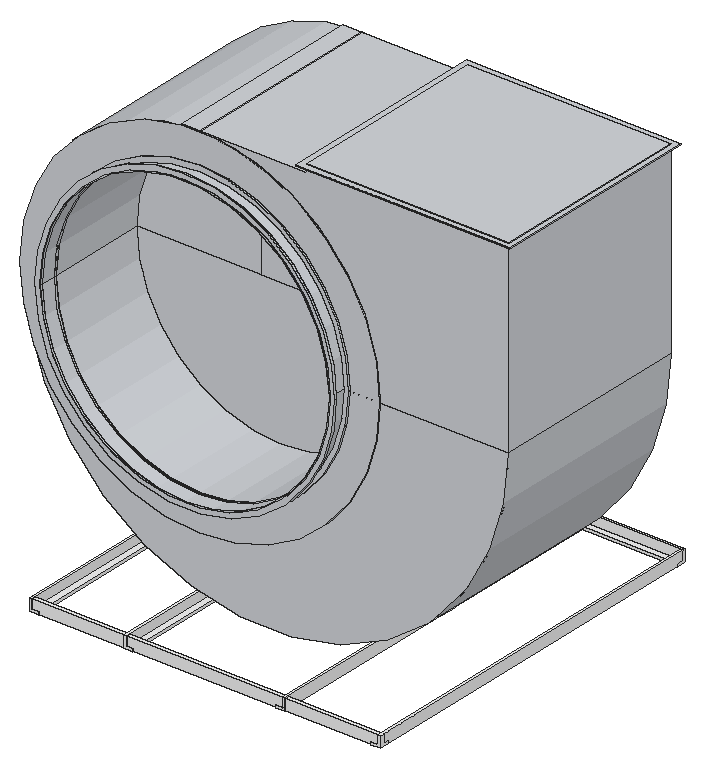
Revit family "НЕВАТОМ_Вентилятор ВР 86-77, Версия 2.с табл", category Оборудование, Revit 2017 (continued)
Definition of nested family "НЕВАТОМ_Рама монтажная для ВР-86-77, Версия 2"
  Dimensions and locks
    aligned and locked: curve 18 to plane 16
    aligned and locked: plane 17 to curve 25
    aligned and locked: curve 20 to plane 18
    aligned and locked: Extrusion 2 sketch curve to curve 6
    aligned and locked: Extrusion 2 sketch curve to curve 8
    aligned and locked: Extrusion 2 sketch curve to curve 9
    aligned and locked: Extrusion 2 sketch curve to curve 16
    aligned and locked: curve 10 to Extrusion 2 sketch curve
    aligned and locked: Extrusion 2 sketch curve to curve 15
    aligned and locked: Extrusion 2 sketch curve to curve 11
    aligned and locked: Extrusion 2 sketch curve to curve 12
    aligned and locked: Extrusion 2 sketch curve to curve 20
    aligned and locked: Extrusion 2 sketch curve to curve 19
    aligned and locked: Extrusion 2 sketch curve to plane 15
    aligned and locked: Extrusion 2 sketch curve to curve 28
    aligned and locked: Extrusion 2 sketch curve to curve 25
    aligned and locked: Extrusion 2 to curve 2
    aligned and locked: Extrusion 2 to curve 1
    aligned and locked: curve 30 to plane 21
    aligned and locked: plane 19 to curve 31
    aligned and locked: plane 22 to curve 32
    aligned and locked: plane 20 to curve 33
    aligned and locked: Extrusion 3 sketch curve to curve 30
    aligned and locked: Extrusion 3 sketch curve to curve 31
    aligned and locked: Extrusion 3 sketch curve to curve 32
    aligned and locked: Extrusion 3 sketch curve to curve 33
    aligned and locked: Extrusion 1 to Extrusion 3
    aligned and locked: Extrusion 3 to curve 1
    aligned and locked: Extrusion 4 sketch curve to curve 42
    aligned and locked: curve 43 to Extrusion 4 sketch curve
    aligned and locked: Extrusion 4 sketch curve to curve 43
    aligned and locked: Extrusion 4 sketch curve to curve 46
    aligned and locked: Extrusion 4 sketch curve to curve 47
    aligned and locked: Extrusion 4 sketch curve to curve 38
    aligned and locked: Extrusion 4 sketch curve to curve 39
  Automatic sketch dimensions
    curve 24 to level = 0.00 mm
    curve 23 to plane 7 = 0.00 mm
    curve 10 to level = 0.00 mm
    curve 10 to plane 6 = 0.00 mm
    curve 22 to plane 7 = 1.48 mm
    level to curve 28 = 1.497 mm
    curve 26 to curve 26 = 1.549 mm
    plane 6 to curve 9 = 1.48 mm
    level to curve 14 = 11.968 mm
    curve 14 to curve 11 = 1.549 mm
    level to curve 14 = 1.497 mm
    curve 27 to curve 25 = 10.471 mm
    curve 9 to curve 10 = 1.497 mm
    curve 22 to plane 10 = 1.497 mm
    Extrusion 2 sketch curve to plane 7 = 0.00 mm
    Extrusion 2 sketch curve to level = 0.00 mm
    Extrusion 2 sketch curve to plane 11 = 0.00 mm
    Extrusion 2 sketch curve to plane 10 = 0.00 mm  (x2)
    Extrusion 2 sketch curve to plane 15 = 0.549 mm
    Extrusion 2 sketch curve to plane 7 = 1.48 mm
    plane 13 to Extrusion 2 sketch curve = 0.549 mm
    Extrusion 2 sketch curve to Extrusion 2 sketch curve = 10.471 mm  (x2)
    Extrusion 2 sketch curve to plane 10 = 1.497 mm
    plane 19 to Extrusion 4 sketch curve = 42.50 mm  (x2)
    Extrusion 4 sketch curve to Extrusion 4 sketch curve = 20.00 mm  (x4)
    Extrusion 4 sketch curve to plane 3 "По центру (Влево/Вправо)" = 10.321 mm  (x2)
    plane 3 "По центру (Влево/Вправо)" to Extrusion 4 sketch curve = 9.679 mm  (x2)
    Extrusion 4 sketch curve to plane 20 = 62.50 mm  (x2)
    plane 6 to Extrusion 4 sketch curve = 18.50 mm
    Extrusion 4 sketch curve to Extrusion 4 sketch curve = 5.00 mm  (x3)
    plane 6 to Extrusion 4 sketch curve = 13.50 mm  (x2)
    curve 35 to plane 5 = 0.00 mm
    curve 34 to plane 5 = 0.00 mm
    curve 34 to plane 4 = 0.00 mm
    curve 35 to plane 4 = 0.00 mm
    curve 46 to plane 3 "По центру (Влево/Вправо)" = 10.321 mm
    curve 59 to plane 3 "По центру (Влево/Вправо)" = 10.321 mm
    curve 37 to plane 15 = 19.50 mm
    curve 45 to plane 15 = 19.50 mm
    curve 41 to plane 15 = 19.50 mm
    plane 6 to curve 50 = 13.50 mm
    plane 6 to curve 58 = 13.50 mm
    plane 6 to curve 54 = 13.50 mm
Definition of nested family "УГО вентилятора 1"
  Parameters (values of type "Тип 1")
    типоразмер = 12.50 mm
    k = size_lookup("УГО", "k", 50.00 mm, типоразмер)  # 25.00 mm
    d = size_lookup("УГО", "d", 50.00 mm, типоразмер)  # 1130.00 mm
    c = size_lookup("УГО", "c", 50.00 mm, типоразмер)  # 900.00 mm
    a = size_lookup("УГО", "a", 50.00 mm, типоразмер)  # 130.00 mm
    R1 = size_lookup("УГО", "R1", 50.00 mm, типоразмер)  # 1000.00 mm
  Reference planes
    plane 1 "По центру (Вперед/Назад)": y = 0
    plane 2: z = 0
    plane 3 "По центру (Влево/Вправо)": x = 0
  Lines and regions (mm)
    model lines
      curve 1: line (925, 0, 0) -> (925, 0, 1130)
      curve 2: line (925, 0, 1130) -> (25, 0, 1130)
      curve 3: line (25, 0, 1130) -> (25, 0, 994.987)
      curve 4: arc (25, 0, 994.987) -> (-816.62, 0, -670.82) -> (925, 0, 0) r 1000
  Dimensions and locks
    "d": curve 2 to level
    "c": curve 1 to curve 3
    "a": curve 2 to curve 4
    "k": plane 3 "По центру (Влево/Вправо)" to curve 3
    "R1": radius of curve 4
    aligned and locked: level to plane 2
Types (9, lengths in mm): name | типоразмер | Ширина основания | Ширина опоры | Сравнение праволево | НЕВАТОМ_Частота вращения электродвигателя | НЕВАТОМ_Направление вращения Правое | НЕВАТОМ_Направление вращения Левое | НЕВАТОМ_Мощность электродвигатель | НЕВАТОМ_Исполнение вентилятора | Н2 | Высота виброизолятора | Выбор исполнения | Выбор диаметра колеса | Выбор виброизолятора | Виброизолятор | ВР | r | l длина | l двиг | k | h3 | h2 | h1 | h | d двиг | c2 | c1 | b | a2 | _Коэффициент расхода | Type | R2 | R1 | L длина опоры | L двиг | H1 | H опоры | Dн | ADSK_Наименование краткое | 0.9Dн | D1 | D/2 | D входного патрубка | D внешний | D | BB | ADSK_Примечание | ADSK_Марка | ADSK_Классификация нагрузок | AA | A1 | (Dн) | (0.9Dн)
  (no name) | 12.50 | 1520.00 | 700.00 | 1.00 | 750 | yes | no | 15.00 | 1.00 | 2175.00 | 0.00 | 0.00 | 1.00 | 0.00 | no | 12.50 | 160.00 | 800.00 | 500.00 | 80.00 | 100.00 | 780.00 | 815.00 | 300.00 | 320.00 | 800.00 | 848.00 | 25.00 | 1338.00 | 1 | 43.00 | 780.00 | 1050.00 | 1648.00 | 340.00 | 1360.00 | 1200.00 | no | "VR 86-77-12.5" | yes | 1255.00 | 160.00 | 1250.00 | 1300.00 | 1250.00 | 875.00 | "size_lookup(ТП, \"\", \"нет типоразмера\", D)" | "VR 86-77-12,5-15КВТ/750 ОБ/МИН. ПРАВ0(Д=0,9ДН)" | none | 875.00 | 900.00 | no | yes
  №2.5 | 2.50 | 287.00 | 287.00 | 1.00 | 1500 | yes | no | 0.18 | 2.00 | 572.00 | 72.00 | 0.00 | 1.00 | 1.00 | yes | 2.50 | 50.00 | 205.00 | 120.00 | 30.00 | 0.00 | 155.00 | 180.00 | 120.00 | 100.00 | 205.00 | 205.00 | 20.00 | 250.00 | 0 | 38.00 | 160.00 | 205.00 | 410.00 | 50.00 | 320.00 | 270.00 | no | "VR 86-77-2.5-0-К" | yes | 255.00 | 50.00 | 250.00 | 300.00 | 250.00 | 175.00 | "" | "VR 86-77-2,5 К 0,18КВТ/1500 ОБ/МИН. ПРАВ0(Д=0,9ДН)" | ОВК | 175.00 | 162.00 | no | yes
  №3.15 | 3.15 | 287.00 | 287.00 | 0.00 | 1500 | no | yes | 0.18 | 1.00 | 616.00 | 0.00 | 1.00 | 1.00 | 0.00 | no | 3.15 | 50.00 | 250.00 | 120.00 | 1.00 | 100.00 | 200.00 | 220.00 | 120.00 | 100.00 | 250.00 | 217.00 | 20.00 | 315.00 | 0 | 39.00 | 200.00 | 257.00 | 467.00 | 50.00 | 396.00 | 346.00 | no | "VR 86-77-3.15-О" | yes | 320.00 | 50.00 | 315.00 | 365.00 | 315.00 | 220.00 | "" | "VR 86-77-3,15-0,18КВТ/1500 ОБ/МИН. ЛЕВ0(Д=0,9ДН)" | none | 220.00 | 204.00 | no | yes
  №4 | 4.00 | 357.00 | 357.00 | 0.00 | 1500 | no | yes | 0.75 | 1.00 | 796.00 | 0.00 | 0.00 | 0.00 | 0.00 | no | 4.00 | 50.00 | 290.00 | 80.00 | 1.00 | 100.00 | 250.00 | 270.00 | 200.00 | 100.00 | 290.00 | 290.00 | 25.00 | 400.00 | 0 | 40.00 | 250.00 | 326.00 | 580.00 | 100.00 | 526.00 | 476.00 | yes | "VR 86-77-4.0-К" | no | 405.00 | 50.00 | 400.00 | 450.00 | 400.00 | 280.00 | "" | "VR 86-77-4-0,75КВТ/1500 ОБ/МИН. ЛЕВ0(ДН)" | none | 280.00 | 260.00 | yes | no
  №5 | 5.00 | 476.00 | 476.00 | 0.00 | 1000 | no | yes | 0.37 | 1.00 | 985.00 | 0.00 | 0.00 | 1.00 | 0.00 | no | 5.00 | 50.00 | 350.00 | 80.00 | 1.00 | 100.00 | 310.00 | 335.00 | 150.00 | 100.00 | 350.00 | 404.00 | 25.00 | 500.00 | 0 | 39.00 | 310.00 | 400.00 | 754.00 | 100.00 | 650.00 | 600.00 | no | "VR 86-77-5.0-О" | yes | 505.00 | 50.00 | 500.00 | 550.00 | 500.00 | 350.00 | "" | "VR 86-77-5-0,37КВТ/1000 ОБ/МИН. ЛЕВ0(Д=0,9ДН)" | none | 350.00 | 325.00 | no | yes
  №6.3 | 6.30 | 556.00 | 556.00 | 0.00 | 1000 | no | yes | 1.10 | 1.00 | 1165.00 | 0.00 | 0.00 | 1.00 | 0.00 | no | 6.30 | 120.00 | 350.00 | 300.00 | 1.00 | 100.00 | 395.00 | 415.00 | 300.00 | 240.00 | 350.00 | 550.00 | 25.00 | 630.00 | 0 | 41.00 | 400.00 | 513.00 | 900.00 | 100.00 | 750.00 | 630.00 | no | "VR 86-77-6,3-К" | yes | 635.00 | 120.00 | 630.00 | 700.00 | 630.00 | 441.00 | "" | "VR 86-77-6,3-1,1КВТ/1000 ОБ/МИН. ЛЕВ0(Д=0,9ДН)" | none | 441.00 | 409.00 | no | yes
  №8 | 8.00 | 646.00 | 646.00 | 1.00 | 1000 | yes | no | 1.50 | 1.00 | 1350.00 | 0.00 | 0.00 | 1.00 | 0.00 | no | 8.00 | 110.00 | 400.00 | 200.00 | 0.00 | 100.00 | 500.00 | 540.00 | 300.00 | 220.00 | 400.00 | 674.00 | 25.00 | 800.00 | 0 | 41.00 | 500.00 | 650.00 | 1074.00 | 140.00 | 810.00 | 700.00 | no | "VR 86-77-8.0-О" | yes | 805.00 | 110.00 | 800.00 | 850.00 | 800.00 | 560.00 | "" | "VR 86-77-8-1,5КВТ/1000 ОБ/МИН. ПРАВ0(Д=0,9ДН)" | none | 560.00 | 520.00 | no | yes
  №10 | 10.00 | 930.00 | 480.00 | 0.00 | 750 | no | yes | 11.00 | 1.00 | 1880.00 | 192.00 | 0.00 | 1.00 | 1.00 | yes | 10.00 | 220.00 | 650.00 | 320.00 | 80.00 | 100.00 | 620.00 | 660.00 | 300.00 | 440.00 | 650.00 | 693.00 | 25.00 | 1150.00 | 0 | 43.00 | 620.00 | 880.00 | 1343.00 | 200.00 | 1220.00 | 1000.00 | no | "VR 86-77-10.0" | yes | 1005.00 | 220.00 | 1000.00 | 1050.00 | 1000.00 | 700.00 | "" | "VR 86-77-10-11КВТ/750 ОБ/МИН. ЛЕВ0(Д=0,9ДН)" | none | 700.00 | 800.00 | no | yes
  №12.5 | 12.50 | 1520.00 | 700.00 | 1.00 | 750 | yes | no | 15.00 | 1.00 | 2175.00 | 0.00 | 0.00 | 1.00 | 0.00 | no | 12.50 | 160.00 | 800.00 | 500.00 | 80.00 | 100.00 | 780.00 | 815.00 | 300.00 | 320.00 | 800.00 | 848.00 | 25.00 | 1338.00 | 1 | 43.00 | 780.00 | 1050.00 | 1648.00 | 340.00 | 1360.00 | 1200.00 | no | "VR 86-77-12.5" | yes | 1255.00 | 160.00 | 1250.00 | 1300.00 | 1250.00 | 875.00 | "size_lookup(ТП, \"\", \"нет типоразмера\", D)" | "VR 86-77-12,5-15КВТ/750 ОБ/МИН. ПРАВ0(Д=0,9ДН)" | none | 875.00 | 900.00 | no | yes
